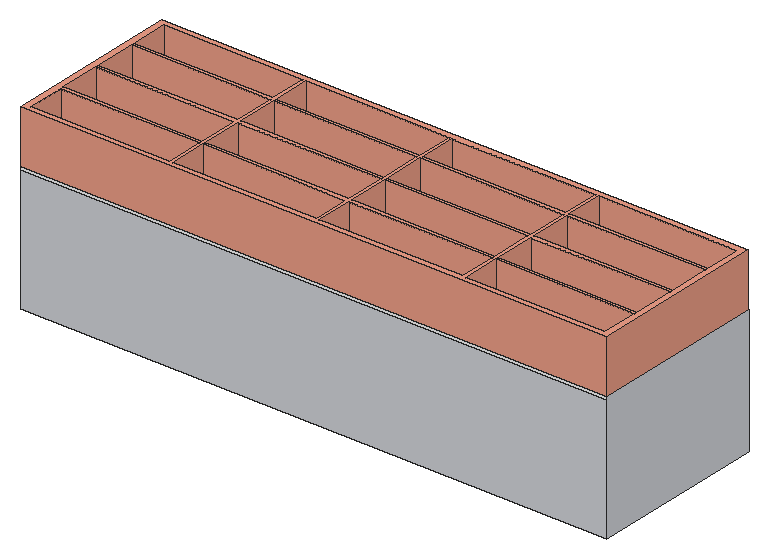
Revit family "CADS_AIRFLOWdev_AirTerminal_AirBrick_Exhaust", category Air Terminals, host Face, Revit 2015
Parameters (values of type "Terracotta With Internal Damper")
  WorkExecutionLevel = "N/A"
  WeeklyMaintenance = "N/A"
  WarrantyStartDate [instance] = "N/A"
  WarrantyPeriod = "2"
  WarrantyIdentifier = "N/A"
  WarrantyGuarantorParts = "info@airflow.com"
  WarrantyGuarantorLabor = "info@airflow.com"
  WarrantyGuarantor = "Airflow Developments Ltd"
  WarrantyEndDate [instance] = "N/A"
  WarrantyContent = "Replacement of part if faulty"
  W = 63 mm
  Uniclass2015 = "Pr_65_70_46_01"
  TotalSurfaceArea [instance] = 0.014204 m²
  TagNumber [instance] = "N/A"
  Status [instance] = "New"
  Size = "58 x 204 x 60"
  ShippingWeight = 0.018 kg
  Shape = "Rectangular"
  ServiceLifeType = "EXPECTEDSERVICELIFE"
  ServiceLifeDuration = "10"
  SerialNumber [instance] = "N/A"
  ReplacementCost = "8.112"
  Raised_Spigot = no
  QuarterlyMaintenance = "N/A"
  QualityOfComponents = "N/A"
  ProductionYear = "2017"
  ProductLiterature = "N/A"
  PointOfContact = "Airflow Developments Ltd"
  Perimeter [instance] = 558 mm
  OutdoorEnviornment = "N/A"
  OperationAndMaintenanceManual = "N/A"
  NumberOfSlots = 16
  NominalWidth = 204 mm
  NominalLength = 58 mm
  NominalHeight = 60 mm
  NBSCode = "90-75-50/370 Air terminals;"
  MountingType = "FLATFLUSH"
  MonthlyMaintenance = "N/A"
  ModelReference = "51978702"
  ModelLabel = "204 x 60mm with internal damper (Terracotta)"
  MeanTimeBetweenFailure = "N/A"
  Material = "Plastic"
  ManufacturerWebsite = "www.airflow.com"
  ManufacturerTelephone = "01494 525252"
  ManufacturerE-Mail = "info@airflow.com"
  ManufacturerAddress = "Aidelle House\nLancaster Road\nCressex Business Park\nHigh Wycombe\nBucks\nHP123QP"
  Manufacturer = "Airflow Developments Ltd"
  MaintenanceRequired8001to12000hrs = "N/A"
  MaintenanceRequired601to1000hrs = "N/A"
  MaintenanceRequired4001to8000hrs = "N/A"
  MaintenanceRequired301to600hrs = "N/A"
  MaintenanceRequired2001to4000hrs = "N/A"
  MaintenanceRequired1001to2000hrs = "N/A"
  MaintenanceRequired0to300hrs = "N/A"
  MaintenanceLevel = "N/A"
  L = 208 mm
  IsExtendedWarranty = no
  Internal_Damper = yes
  IndoorEnviornment = "N/A"
  InUseConditions = "N/A"
  ISO90001 = yes
  ISO140001 = yes
  HasThermalInsulation = no
  HasSoundAttenuator = no
  HasIntegralControl = no
  H = 64 mm
  GrossWeight = 0.015 kg
  Grade = "Virgin"
  GlobalTradeItemNumber = "N/A"
  FlowControlType = "DAMPER"
  Flow [instance] = 0.0 L/s
  Finish = "Matte"
  Features [instance] = "204 x 60mm with internal damper (Terracotta)"
  FaceType = "LOUVERED"
  Exclusions = "Incorrect Use / Incorrect Installation / Installed by a non-accredited electrician. Customer abuse."
  DurationUnit = "Years"
  DesignLevel = "N/A"
  Description = "204 x 60mm with internal damper (Terracotta)"
  Default Elevation = 1219.2 mm
  DailyMaintenance = "N/A"
  Constituents = "Terracotta"
  Color = "Terracotta"
  CodePerformance = "N/A"
  CEApproval = yes
  BespokeTimeFrameMaintenance = "N/A"
  Band_Size [instance] = if(B = 20 mm, 2 mm, 6 mm)  # 2 mm
  B = 20 mm
  AssetType = "Fixed"
  AssetIdentifier [instance] = "N/A"
  AssemblyPlace = "N/A"
  AnnualMaintenance = "N/A"
  AirflowRateRange = "0-61"
  AirBrick_Colour = CADS_AirFlow_Terracotta
  AccessibilityPerformance = "N/A"
  A = 45 mm
  6MonthlyMaintenance = "Visually inspect system, clean the fan and ducting if necessary"
Types (6, lengths in mm): name | WorkExecutionLevel | WeeklyMaintenance | WarrantyStartDate | WarrantyPeriod | WarrantyIdentifier | WarrantyGuarantorParts | WarrantyGuarantorLabor | WarrantyGuarantor | WarrantyEndDate | WarrantyContent | W | Uniclass2015 | TotalSurfaceArea | TagNumber | Status | Size | ShippingWeight | Shape | ServiceLifeType | ServiceLifeDuration | SerialNumber | ReplacementCost | Raised_Spigot | QuarterlyMaintenance | QualityOfComponents | ProductionYear | ProductLiterature | PointOfContact | Perimeter | OutdoorEnviornment | OperationAndMaintenanceManual | NumberOfSlots | NominalWidth | NominalLength | NominalHeight | NBSCode | MountingType | MonthlyMaintenance | ModelReference | ModelLabel | MeanTimeBetweenFailure | Material | ManufacturerWebsite | ManufacturerTelephone | ManufacturerE-Mail | ManufacturerAddress | Manufacturer | MaintenanceRequired8001to12000hrs | MaintenanceRequired601to1000hrs | MaintenanceRequired4001to8000hrs | MaintenanceRequired301to600hrs | MaintenanceRequired2001to4000hrs | MaintenanceRequired1001to2000hrs | MaintenanceRequired0to300hrs | MaintenanceLevel | L | IsExtendedWarranty | Internal_Damper | IndoorEnviornment | InUseConditions | HasThermalInsulation | HasSoundAttenuator | HasIntegralControl | H | GrossWeight | Grade | GlobalTradeItemNumber | FlowControlType | Finish | Features | FaceType | Exclusions | DurationUnit | DesignLevel | Description | DailyMaintenance | Constituents | Color | CodePerformance | BespokeTimeFrameMaintenance | Band_Size | B | AssetType | AssetIdentifier | AssemblyPlace | AnnualMaintenance | AirflowRateRange | AirBrick_Colour | AccessibilityPerformance | A | 6MonthlyMaintenance
  Brown | "N/A" | "N/A" | "N/A" | "2" | "N/A" | "info@airflow.com" | "info@airflow.com" | "Airflow Developments Ltd" | "N/A" | "Replacement of part if faulty" | 64 | "Pr_65_70_46_01" | 0.014204 m² | "N/A" | "New" | "58 x 204 x 60" | 0.018 kg | "Rectangular" | "EXPECTEDSERVICELIFE" | "10" | "N/A" | "8.112" | yes | "N/A" | "N/A" | "2017" | "N/A" | "Airflow Developments Ltd" | 558 | "N/A" | "N/A" | 16 | 204 | 58 | 60 | "90-75-50/370 Air terminals;" | "FLATFLUSH" | "N/A" | "51849605" | "204 x 60mm (Brown)" | "N/A" | "Plastic" | "www.airflow.com" | "01494 525252" | "info@airflow.com" | "Aidelle House\nLancaster Road\nCressex Business Park\nHigh Wycombe\nBucks\nHP123QP" | "Airflow Developments Ltd" | "N/A" | "N/A" | "N/A" | "N/A" | "N/A" | "N/A" | "N/A" | "N/A" | 208 | no | no | "N/A" | "N/A" | no | no | no | 61 | 0.015 kg | "Virgin" | "N/A" | "NONE" | "Matte" | "204 x 60mm (Brown)" | "LOUVERED" | "Incorrect Use / Incorrect Installation / Installed by a non-accredited electrician. Customer abuse." | "Years" | "N/A" | "204 x 60mm (Brown)" | "N/A" | "Brown" | "Brown" | "N/A" | "N/A" | 2 | 20 | "Fixed" | "N/A" | "N/A" | "N/A" | "0-61" | CADS_AirFlow_Brown | "N/A" | 20 | "Visually inspect system, clean the fan and ducting if necessary"
  Terracotta | "N/A" | "N/A" | "N/A" | "2" | "N/A" | "info@airflow.com" | "info@airflow.com" | "Airflow Developments Ltd" | "N/A" | "Replacement of part if faulty" | 63 | "Pr_65_70_46_01" | 0.014204 m² | "N/A" | "New" | "58 x 204 x 60" | 0.018 kg | "Rectangular" | "EXPECTEDSERVICELIFE" | "10" | "N/A" | "8.112" | no | "N/A" | "N/A" | "2017" | "N/A" | "Airflow Developments Ltd" | 558 | "N/A" | "N/A" | 16 | 204 | 58 | 60 | "90-75-50/370 Air terminals;" | "FLATFLUSH" | "N/A" | "52642010" | "204 x 60mm (Terracotta)" | "N/A" | "Plastic" | "www.airflow.com" | "01494 525252" | "info@airflow.com" | "Aidelle House\nLancaster Road\nCressex Business Park\nHigh Wycombe\nBucks\nHP123QP" | "Airflow Developments Ltd" | "N/A" | "N/A" | "N/A" | "N/A" | "N/A" | "N/A" | "N/A" | "N/A" | 208 | no | no | "N/A" | "N/A" | no | no | no | 64 | 0.015 kg | "Virgin" | "N/A" | "NONE" | "Matte" | "204 x 60mm (Terracotta)" | "LOUVERED" | "Incorrect Use / Incorrect Installation / Installed by a non-accredited electrician. Customer abuse." | "Years" | "N/A" | "204 x 60mm (Terracotta)" | "N/A" | "Terracotta" | "Terracotta" | "N/A" | "N/A" | 2 | 20 | "Fixed" | "N/A" | "N/A" | "N/A" | "0-61" | CADS_AirFlow_Terracotta | "N/A" | 45 | "Visually inspect system, clean the fan and ducting if necessary"
  Beige | "N/A" | "N/A" | "N/A" | "2" | "N/A" | "info@airflow.com" | "info@airflow.com" | "Airflow Developments Ltd" | "N/A" | "Replacement of part if faulty" | 63 | "Pr_65_70_46_01" | 0.014204 m² | "N/A" | "New" | "58 x 204 x 60" | 0.018 kg | "Rectangular" | "EXPECTEDSERVICELIFE" | "10" | "N/A" | "8.112" | no | "N/A" | "N/A" | "2017" | "N/A" | "Airflow Developments Ltd" | 558 | "N/A" | "N/A" | 16 | 204 | 58 | 60 | "90-75-50/370 Air terminals;" | "FLATFLUSH" | "N/A" | "52642002" | "204 x 60mm Buff (Beige)" | "N/A" | "Plastic" | "www.airflow.com" | "01494 525252" | "info@airflow.com" | "Aidelle House\nLancaster Road\nCressex Business Park\nHigh Wycombe\nBucks\nHP123QP" | "Airflow Developments Ltd" | "N/A" | "N/A" | "N/A" | "N/A" | "N/A" | "N/A" | "N/A" | "N/A" | 208 | no | no | "N/A" | "N/A" | no | no | no | 64 | 0.015 kg | "Virgin" | "N/A" | "NONE" | "Matte" | "204 x 60mm Buff (Beige)" | "LOUVERED" | "Incorrect Use / Incorrect Installation / Installed by a non-accredited electrician. Customer abuse." | "Years" | "N/A" | "204 x 60mm Buff (Beige)" | "N/A" | "Beige" | "Beige" | "N/A" | "N/A" | 2 | 20 | "Fixed" | "N/A" | "N/A" | "N/A" | "0-61" | CADS_AirFlow_Beige | "N/A" | 34 | "Visually inspect system, clean the fan and ducting if necessary"
  White | "" | "" | "" | "" | "" | "" | "" | "" | "" | "" | 56 | "" | 0.00 m² | "" | "" | "" | 0.00 kg | "" | "" | "" | "" | "" | yes | "" | "" | "" | "" | "" | 0 | "" | "" | 0 | 0 | 0 | 0 | "" | "" | "" | "" | "" | "" | "" | "" | "" | "" | "" | 0 | "" | "" | "" | "" | "" | "" | "" | "" | 200 | yes | no | "" | "" | yes | yes | yes | 54 | 0.00 kg | "" | "" | "" | "" | "" | "" | "" | "" | "" | 0 | "" | "" | "" | "" | "" | 6 | 0 | "" | "" | "" | "" | "" | CADS_AirFlow_White | "" | 34 | ""
  Terracotta With Internal Damper | "N/A" | "N/A" | "N/A" | "2" | "N/A" | "info@airflow.com" | "info@airflow.com" | "Airflow Developments Ltd" | "N/A" | "Replacement of part if faulty" | 63 | "Pr_65_70_46_01" | 0.014204 m² | "N/A" | "New" | "58 x 204 x 60" | 0.018 kg | "Rectangular" | "EXPECTEDSERVICELIFE" | "10" | "N/A" | "8.112" | no | "N/A" | "N/A" | "2017" | "N/A" | "Airflow Developments Ltd" | 558 | "N/A" | "N/A" | 16 | 204 | 58 | 60 | "90-75-50/370 Air terminals;" | "FLATFLUSH" | "N/A" | "51978702" | "204 x 60mm with internal damper (Terracotta)" | "N/A" | "Plastic" | "www.airflow.com" | "01494 525252" | "info@airflow.com" | "Aidelle House\nLancaster Road\nCressex Business Park\nHigh Wycombe\nBucks\nHP123QP" | "Airflow Developments Ltd" | "N/A" | "N/A" | "N/A" | "N/A" | "N/A" | "N/A" | "N/A" | "N/A" | 208 | no | yes | "N/A" | "N/A" | no | no | no | 64 | 0.015 kg | "Virgin" | "N/A" | "DAMPER" | "Matte" | "204 x 60mm with internal damper (Terracotta)" | "LOUVERED" | "Incorrect Use / Incorrect Installation / Installed by a non-accredited electrician. Customer abuse." | "Years" | "N/A" | "204 x 60mm with internal damper (Terracotta)" | "N/A" | "Terracotta" | "Terracotta" | "N/A" | "N/A" | 2 | 20 | "Fixed" | "N/A" | "N/A" | "N/A" | "0-61" | CADS_AirFlow_Terracotta | "N/A" | 45 | "Visually inspect system, clean the fan and ducting if necessary"
  White With Internal Damper | "N/A" | "N/A" | "N/A" | "2" | "N/A" | "info@airflow.com" | "info@airflow.com" | "Airflow Developments Ltd" | "N/A" | "Replacement of part if faulty" | 56 | "Pr_65_70_46_01" | 0.014204 m² | "N/A" | "New" | "58 x 204 x 60" | 0.018 kg | "Rectangular" | "EXPECTEDSERVICELIFE" | "10" | "N/A" | "8.112" | yes | "N/A" | "N/A" | "2017" | "N/A" | "Airflow Developments Ltd" | 558 | "N/A" | "N/A" | 27 | 204 | 58 | 60 | "90-75-50/370 Air terminals;" | "FLATFLUSH" | "N/A" | "51978701" | "204 x 60mm with internal damper (White)" | "N/A" | "Plastic" | "www.airflow.com" | "01494 525252" | "info@airflow.com" | "Aidelle House\nLancaster Road\nCressex Business Park\nHigh Wycombe\nBucks\nHP123QP" | "Airflow Developments Ltd" | "N/A" | "N/A" | "N/A" | "N/A" | "N/A" | "N/A" | "N/A" | "N/A" | 200 | no | yes | "N/A" | "N/A" | no | no | no | 54 | 0.015 kg | "Virgin" | "N/A" | "DAMPER" | "Matte" | "204 x 60mm with internal damper (White)" | "LOUVERED" | "Incorrect Use / Incorrect Installation / Installed by a non-accredited electrician. Customer abuse." | "Years" | "N/A" | "204 x 60mm with internal damper (White)" | "N/A" | "White" | "White" | "N/A" | "N/A" | 6 | 0 | "Fixed" | "N/A" | "N/A" | "N/A" | "0-61" | CADS_AirFlow_White | "N/A" | 34 | "Visually inspect system, clean the fan and ducting if necessary"
Reference planes
  plane 1 "Center (Front/Back)": y = 0
  plane 2: z = 0
  plane 3 "Center (Left/Right)": x = 0
  plane 4: x = -104
  plane 5: x = 104
  plane 6: y = 31.5
  plane 7: y = -31.5
  plane 8: z = -64
  plane 9 "Duct_Depth": z = -19
  plane 10: x = -52
  plane 11: x = 52
  plane 12: y = 15.75
  plane 13: y = -15.75
  plane 14: y = 16.25
  plane 15: y = 29.5
  plane 16: y = 15.25
  plane 17: y = 0.5
  plane 18: y = -0.5
  plane 19: y = -15.25
  plane 20: y = -16.25
  plane 21: y = -29.5
  plane 22: x = -102
  plane 23: x = -52.5
  plane 24: x = -51.5
  plane 25: x = 51.5
  plane 26: x = 52.5
  plane 27: x = 102
  plane 28: x = -0.5
  plane 29: x = 0.5
  plane 30 "Band": z = -20
Forms (mm)
  Extrusion 1, solid
    sketch origin (0, 0, 0) x (1, 0, 0) y (0, 1, 0)
      loop
        line (-104, 31.5) -> (-104, -31.5) -> (104, -31.5) -> (104, 31.5) -> (-104, 31.5)
    from -19 to -64
  Extrusion 2, solid, material "CADS_AirFlow_Terracotta" <- "AirBrick_Colour"
    sketch origin (0, 0, 0) x (1, 0, 0) y (0, 1, 0)
      loop
        line (-104, 31.5) -> (-104, -31.5) -> (104, -31.5) -> (104, 31.5) -> (-104, 31.5)
    from -19 to 0
  Extrusion 3, void
    sketch origin (0, 0, 0) x (1, 0, 0) y (0, 1, 0)
      loop
        line (-102, 29.5) -> (-102, 16.25) -> (-52.5, 16.25) -> (-52.5, 29.5) -> (-102, 29.5)
      loop
        line (-51.5, 29.5) -> (-51.5, 16.25) -> (-0.5, 16.25) -> (-0.5, 29.5) -> (-51.5, 29.5)
      loop
        line (0.5, 29.5) -> (0.5, 16.25) -> (51.5, 16.25) -> (51.5, 29.5) -> (0.5, 29.5)
      loop
        line (52.5, 29.5) -> (52.5, 16.25) -> (102, 16.25) -> (102, 29.5) -> (52.5, 29.5)
      loop
        line (-102, 15.25) -> (-102, 0.5) -> (-52.5, 0.5) -> (-52.5, 15.25) -> (-102, 15.25)
      loop
        line (-51.5, 15.25) -> (-51.5, 0.5) -> (-0.5, 0.5) -> (-0.5, 15.25) -> (-51.5, 15.25)
      loop
        line (0.5, 15.25) -> (0.5, 0.5) -> (51.5, 0.5) -> (51.5, 15.25) -> (0.5, 15.25)
      loop
        line (52.5, 15.25) -> (52.5, 0.5) -> (102, 0.5) -> (102, 15.25) -> (52.5, 15.25)
      loop
        line (-102, -0.5) -> (-102, -15.25) -> (-52.5, -15.25) -> (-52.5, -0.5) -> (-102, -0.5)
      loop
        line (-51.5, -0.5) -> (-51.5, -15.25) -> (-0.5, -15.25) -> (-0.5, -0.5) -> (-51.5, -0.5)
      loop
        line (0.5, -0.5) -> (0.5, -15.25) -> (51.5, -15.25) -> (51.5, -0.5) -> (0.5, -0.5)
      loop
        line (52.5, -0.5) -> (52.5, -15.25) -> (102, -15.25) -> (102, -0.5) -> (52.5, -0.5)
      loop
        line (-102, -16.25) -> (-102, -29.5) -> (-52.5, -29.5) -> (-52.5, -16.25) -> (-102, -16.25)
      loop
        line (-51.5, -16.25) -> (-51.5, -29.5) -> (-0.5, -29.5) -> (-0.5, -16.25) -> (-51.5, -16.25)
      loop
        line (0.5, -16.25) -> (0.5, -29.5) -> (51.5, -29.5) -> (51.5, -16.25) -> (0.5, -16.25)
      loop
        line (52.5, -16.25) -> (52.5, -29.5) -> (102, -29.5) -> (102, -16.25) -> (52.5, -16.25)
    from -19 to 0
  Extrusion 4, void
    sketch origin (0, 0, 0) x (1, 0, 0) y (0, 1, 0)
      loop
        line (-104, 31.5) -> (-104, -31.5) -> (104, -31.5) -> (104, 31.5) -> (-104, 31.5)
    from -64 to 0
  Sweep 5, solid, material "CADS_AirFlow_Terracotta" <- "AirBrick_Colour", visible <- "Raised_Spigot"
    path origin (0, 0, -20) x (-1, 0, 0) y (0, -1, 0)
      loop
        line (104, 31.5) -> (-104, 31.5) -> (-104, -31.5) -> (104, -31.5) -> (104, 31.5)
    profile origin (-104, 0, -20) x (-1, 0, 0) y (0, 0, 1)
      loop
        line (0, 0) -> (0, -1.5) -> (2, -1.5) -> (2, 0) -> (0, 0)
  Extrusion 6, void
    sketch origin (0, 0, -20) x (-1, 0, 0) y (0, -1, 0)
      loop
        line (102, 29.5) -> (-102, 29.5) -> (-102, -29.5) -> (102, -29.5) -> (102, 29.5)
    from -44 to 1
  Extrusion 7, solid, material "Air"
    sketch origin (0, 0, -19) x (-1, 0, 0) y (0, -1, 0)
      loop
        line (104, -31.5) -> (104, 31.5) -> (-104, 31.5) -> (-104, -31.5) -> (104, -31.5)
    from 0 to -1
Cuts and joins
  Extrusion 3 cuts Extrusion 2
  Extrusion 6 cuts Extrusion 1
Dimensions and locks
  equal spacing: plane 4, plane 3 "Center (Left/Right)", plane 5
  equal spacing: plane 6, plane 1 "Center (Front/Back)", plane 7
  "W": plane 6 to plane 7
  "L": plane 4 to plane 5
  "H": level to plane 8
  equal spacing: plane 4, plane 10, plane 3 "Center (Left/Right)"
  equal spacing: plane 3 "Center (Left/Right)", plane 11, plane 5
  equal spacing: plane 1 "Center (Front/Back)", plane 13, plane 7
  equal spacing: plane 1 "Center (Front/Back)", plane 12, plane 6
  locked: plane 6 to plane 15 at 2
  locked: plane 14 to plane 12 at 0.5
  locked: plane 12 to plane 16 at 0.5
  locked: plane 17 to plane 1 "Center (Front/Back)" at 0.5
  locked: plane 18 to plane 1 "Center (Front/Back)" at 0.5
  locked: plane 19 to plane 13 at 0.5
  locked: plane 13 to plane 20 at 0.5
  locked: plane 21 to plane 7 at 2
  locked: plane 4 to plane 22 at 2
  plane 23 to plane 10 to plane 24 = 0.5 mm locked, 0.5 mm locked
  plane 25 to plane 11 to plane 26 = 0.5 mm locked, 0.5 mm locked
  locked: plane 27 to plane 5 at 2
  plane 28 to plane 3 "Center (Left/Right)" to plane 29 = 0.5 mm locked, 0.5 mm locked
  "A": plane 9 "Duct_Depth" to plane 8
  "B": level to plane 30 "Band"
  locked: Sweep 5 sketch curve to Sweep 5 sketch curve at 1.5
  "Band_Size": Sweep 5 sketch curve to Sweep 5 sketch curve
  aligned and locked: plane 2 to host face
  aligned and locked: level to host face
  aligned and locked: plane 4 to Extrusion 1 sketch curve
  aligned and locked: Extrusion 1 sketch curve to plane 5
  aligned and locked: Extrusion 1 to plane 8
  aligned and locked: plane 9 "Duct_Depth" to Extrusion 1
  aligned and locked: plane 4 to Extrusion 2 sketch curve
  aligned and locked: plane 7 to Extrusion 2 sketch curve
  aligned and locked: Extrusion 2 to Extrusion 1
  aligned and locked: level to Extrusion 2
  aligned and locked: plane 22 to Extrusion 3 sketch curve  (x4)
  aligned and locked: plane 14 to Extrusion 3 sketch curve  (x4)
  aligned and locked: Extrusion 3 sketch curve to plane 23  (x3)
  aligned and locked: Extrusion 3 sketch curve to plane 15  (x3)
  aligned and locked: plane 24 to Extrusion 3 sketch curve  (x4)
  aligned and locked: Extrusion 3 sketch curve to plane 28  (x4)
  aligned and locked: Extrusion 3 sketch curve to plane 25  (x2)
  aligned and locked: Extrusion 3 sketch curve to plane 27  (x4)
  aligned and locked: plane 17 to Extrusion 3 sketch curve  (x3)
  aligned and locked: Extrusion 3 sketch curve to plane 16  (x3)
  aligned and locked: Extrusion 3 sketch curve to plane 29  (x3)
  aligned and locked: Extrusion 3 sketch curve to plane 18  (x4)
  aligned and locked: plane 19 to Extrusion 3 sketch curve  (x3)
  aligned and locked: plane 26 to Extrusion 3 sketch curve  (x2)
  aligned and locked: plane 21 to Extrusion 3 sketch curve  (x3)
  aligned and locked: Extrusion 3 sketch curve to plane 20  (x2)
  aligned and locked: Extrusion 3 to Extrusion 1
  aligned and locked: level to Extrusion 3
  aligned and locked: Extrusion 4 sketch curve to plane 6
  aligned and locked: plane 4 to Extrusion 4 sketch curve
  aligned and locked: plane 7 to Extrusion 4 sketch curve
  aligned and locked: Extrusion 4 sketch curve to plane 5
  aligned and locked: Extrusion 4 to Extrusion 1
  aligned and locked: level to Extrusion 4
  aligned and locked: Extrusion 6 sketch curve to plane 21
  aligned and locked: plane 15 to Extrusion 6 sketch curve
  aligned and locked: Extrusion 1 to Extrusion 6  (x2)
  aligned and locked: Extrusion 7 sketch curve to plane 6
  aligned and locked: plane 4 to Extrusion 7 sketch curve
  aligned and locked: Extrusion 7 sketch curve to plane 5
Automatic sketch dimensions
  host sketch curve to host sketch curve = 2438.4 mm  (x2)
  Extrusion 1 sketch curve to plane 7 = 0 mm
  Extrusion 1 sketch curve to plane 6 = 0 mm
  Extrusion 2 sketch curve to plane 5 = 0 mm
  Extrusion 2 sketch curve to plane 6 = 0 mm
  Extrusion 3 sketch curve to plane 23 = 0 mm
  Extrusion 3 sketch curve to plane 29 = 0 mm
  Extrusion 3 sketch curve to plane 25 = 0 mm  (x2)
  Extrusion 3 sketch curve to plane 26 = 0 mm  (x2)
  Extrusion 3 sketch curve to plane 21 = 0 mm
  Extrusion 3 sketch curve to plane 20 = 0 mm  (x2)
  Extrusion 3 sketch curve to plane 19 = 0 mm
  Extrusion 3 sketch curve to plane 17 = 0 mm
  Extrusion 3 sketch curve to plane 16 = 0 mm
  Extrusion 3 sketch curve to plane 15 = 0 mm
  Sweep 5 sketch curve to plane 5 = 0 mm
  Sweep 5 sketch curve to plane 4 = 0 mm
  Sweep 5 sketch curve to plane 6 = 0 mm
  Sweep 5 sketch curve to plane 7 = 0 mm
  Extrusion 6 sketch curve to plane 27 = 0 mm
  Extrusion 6 sketch curve to plane 22 = 0 mm
  Extrusion 7 sketch curve to plane 7 = 0 mm
  Sweep 5 sketch curve to profile plane = 0 mm
  Sweep 5 sketch curve to plane 30 "Band" = 0 mm
Connectors
  hvac at (0, 0, -19), driven by "Flow"
    settings: on cut or joined group of Extrusion 2, Extrusion 3, index 1, duct flow 0.0 L/s, flow factor 0, pres drop 0.0 Pa, loss coef 0, conn angle 0.00°, conn width 208 mm, conn height 63 mm, conn diameter 609.6 mm, duct sys type 3, conn prof type 1, flow config 0, flow direction 1, loss method 0, conn ref index -1, conn util no, is conn primary yes, conn desc ""
